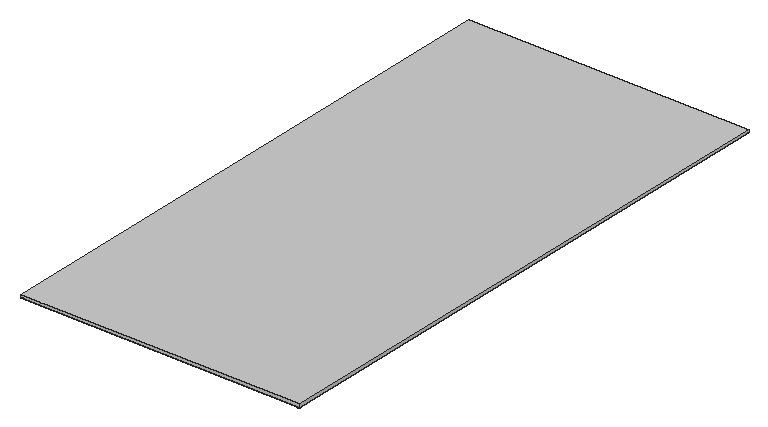
Revit family "SURE-BOARD-SERIES200", category Generic Models, host Face, Revit 2026
Family settings
  Host = Face
  Can host rebar = No
  Round Connector Dimension = Use Diameter
  Part Type = Normal
  Cut with Voids When Loaded = No
  Maintain Annotation Orientation = No
  Shared = No
  Room Calculation Point = No
Parameters (values of type "SureBoard200-50")
  Width = 4' - 0"
  URL = "http://www.cemcosteel.com/steel-framing/sureboard-shear/sure-board%C2%AE-series-200-cold-formed-steel-framing"
  SteelSheetThickness = 0' - 0 1/64"
  Product Submittal Link = "https://cemcosteel.com/app/uploads/2020/03/Sure_Board-Series-200.pdf"
  Product Info = "Sure-Board® Series 200W for Wood Framing"
  Model = ""
  Manufacturer = "California  Expanded Metal Lath Products Co. (CEMCO)"
  Keynote = "054000"
  Height [instance] = 8' - 0"
  Wallboard Thickness = 0' - 0 1/2"
  Description = "Sure-Board® Series 200 for Steel Framing"
  Default Elevation = 4' - 0"
  Assembly Code = "B1010220"
Types (4): name | Product Info | Model | Keynote | Wallboard Thickness | Description | Assembly Code
  (no name) | "Sure-Board® Series 200W for Wood Framing" | "" | "054000" | 0' - 0 1/2" | "Sure-Board® Series 200 for Steel Framing" | "B1010220"
  SureBoard200-50 | "Sure-Board® Series 200W for Wood Framing" | "" | "054000" | 0' - 0 1/2" | "Sure-Board® Series 200 for Steel Framing" | "B1010220"
  SureBoard200-62 | "Sure-Board® Series 200 for Cold-Formed Steel Framing" | "" | 0' - 0" | 0' - 0 5/8" | "Sure-Board® Series 200 for Steel Framing is a steel sheet and gypsum board composite product that is installed on steel framed shearwalls at points requiring shear." | 0' - 0"
  SureBoard200-75 | "Sure-Board® Series 200 for Cold-Formed Steel Framing" | "V1" | 0' - 0" | 0' - 0 3/4" | "Sure-Board® Series 200 for Steel Framing is a steel sheet and gypsum board composite product that is installed on steel framed shearwalls at points requiring shear." | "B10"
Reference planes (in)
  plane 1 "Center (Front/Back)": y = 0
  plane 2: z = 0
  plane 3 "Center (Left/Right)": x = 0
  plane 4: z = 0.01563
  plane 5: z = 0.51563
  plane 6: x = -48
  plane 7: y = 96
Forms (in)
  Extrusion 1, solid, material "22Ga. Sheet Steel"
    sketch origin (0, 0, 0) x (1, 0, 0) y (0, 1, 0)
      loop
        line (-48, 96) -> (-48, 0) -> (0, 0) -> (0, 96) -> (-48, 96)
    from 0 to 0.01563
  Extrusion 2, solid, material "Wallboard"
    sketch origin (0, 0, 0) x (1, 0, 0) y (0, 1, 0)
      loop
        line (-48, 96) -> (-48, 0) -> (0, 0) -> (0, 96) -> (-48, 96)
    from 0.01563 to 0.51563
Dimensions and locks (in)
  "SteelSheetThickness": plane 4 to level
  "Wallboard Thickness": plane 5 to plane 4
  "Height": plane 1 "Center (Front/Back)" to plane 7
  "Width": plane 6 to plane 3 "Center (Left/Right)"
  aligned and locked: plane 2 to host face
  aligned and locked: level to host face
  aligned and locked: Extrusion 1 sketch curve to plane 3 "Center (Left/Right)"
  aligned and locked: Extrusion 1 sketch curve to plane 1 "Center (Front/Back)"
  aligned and locked: plane 4 to Extrusion 1
  aligned and locked: Extrusion 2 to Extrusion 1
  aligned and locked: plane 5 to Extrusion 2
  aligned and locked: Extrusion 1 to plane 6
  aligned and locked: Extrusion 2 to plane 6
  aligned and locked: plane 3 "Center (Left/Right)" to Extrusion 2
  aligned and locked: plane 1 "Center (Front/Back)" to Extrusion 2
  aligned and locked: plane 7 to Extrusion 2
  aligned and locked: plane 7 to Extrusion 1
Automatic sketch dimensions
  host sketch curve to host sketch curve = 8' - 5.46534"
  host sketch curve to host sketch curve = 12' - 6.76118"
  Extrusion 1 sketch curve to plane 3 "Center (Left/Right)" = 4' - 0"
  Extrusion 1 sketch curve to plane 1 "Center (Front/Back)" = 8' - 0"
  Extrusion 2 sketch curve to plane 3 "Center (Left/Right)" = 4' - 0"
  Extrusion 2 sketch curve to plane 1 "Center (Front/Back)" = 0' - 0"
  Extrusion 2 sketch curve to Extrusion 2 sketch curve = 4' - 0"
  Extrusion 2 sketch curve to Extrusion 2 sketch curve = 8' - 0"
